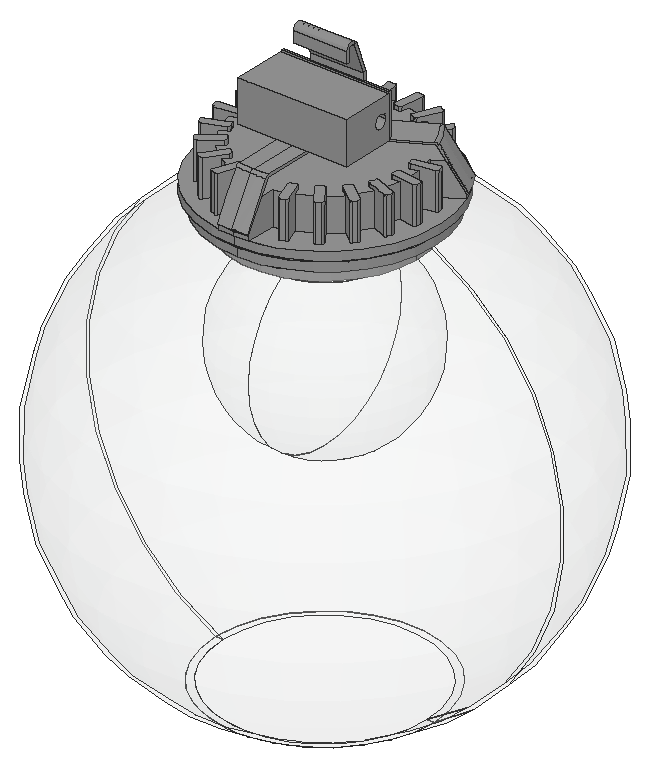
Revit family "Lighting_Pendants_Zero_City_Globe_Catenary", category Lighting Fixtures, Revit 2018
Family settings
  Round Connector Dimension = Use Diameter
  Part Type = Normal
  OmniClass Number = 23.80.70.00
  OmniClass Title = Lighting
  Work Plane-Based = No
  Always vertical = Yes
  Cut with Voids When Loaded = No
  Light Source = Yes
  Shared = No
  Room Calculation Point = No
Parameters (values of type "City Globe Catenary - Black/Red On/Off")
  Wattage = 42.6583 W
  WarrantyStartDate [instance] = "n/a"
  WarrantyGuarantorParts = "n/a"
  WarrantyGuarantorLabor = "n/a"
  WarrantyDurationUnit = "n/a"
  WarrantyDurationParts = "n/a"
  WarrantyDurationLabor = "n/a"
  WarrantyDescription = "n/a"
  built-in parameter 1150110 = 1 (stored number, unit not read)
  VersionDate = "16/12/2021"  # constant formula
  Version = "2"  # constant formula
  Uniclass2015Reference = "Pr_70_70_48_46"
  Uniclass2015Description = "Light-emitting diode (LED) luminaires"
  Uniclass2 = "Pr_70_70_49_43"
  URL = "https://www.zerolighting.com/city-globe-wire-inompe"
  TotalWattage = 32 W  # constant formula
  built-in parameter 1114217 = 1 (stored number, unit not read)
  Tilt Angle = 90.00°
  built-in parameter 1150109 = 1 (stored number, unit not read)
  built-in parameter 1150134 = (empty or 0)
  TagNumber [instance] = "n/a"
  SustainabilityPerformance = "n/a"
  built-in parameter 1150113 = 1 (stored number, unit not read)
  Size = "450x450x540 mm"
  Shape = "Round"
  SerialNumber [instance] = "n/a"
  Revision = "1"  # constant formula
  ReplacementCost = "n/a"
  ProductInformation = "System power 32W. Luminaire Luminous Flux 1420LM, 1900LM. CCT 3000K. SDCM 3. CRI >80. L80, 80.000h. Installation On wire, 3-6 mm."
  ProductDatasheet = "https://www.zerolighting.com/s/City-Globe-Catenary-Indoor.pdf"
  Photometric Web File = "City-Globe-catenary-120663-120683.IES"
  NumberOfSources = 0
  NumberOfPoles = 1
  NominalWidth = 450 mm
  NominalVoltageCalc = 220 V
  NominalVoltage = 220 V
  NominalLength = 450 mm
  NominalHeight = 540 mm
  NominalFrequencyRange = 50 Hz
  Name = "Zero_City_Globe_Catenary"
  NBSReference = "90-60-50/405"
  NBSDescription = "General purpose luminaires"
  ModelReference = "n/a"
  ModelNumber = "12068306-30"
  Model = "City Globe Catenary - Black/Red On/Off"
  Material = "Aluminium&Steel"
  ManufacturersSpecificInformation = "n/a"
  ManufacturerURL = "https://www.zerolighting.com/"
  ManufacturerName = "Zero"
  Manufacturer = "Zero"
  Lumens = 1900 lm
  built-in parameter 1150115 = 1 (stored number, unit not read)
  built-in parameter 1150105 = 1776.6 (stored number, unit not read)
  LightFixtureSecondaryMaterial = Stainless Steel
  LightFixturePlacingType = "Other"
  LightFixtureMountingType = "Suspended"
  LightFixtureMainMaterial = Red
  built-in parameter 1150137 = (empty or 0)
  built-in parameter 1150139 = (empty or 0)
  built-in parameter 1150112 = 1 (stored number, unit not read)
  built-in parameter 1150114 = 1 (stored number, unit not read)
  InsulationStandardClass = "n/a"
  InstallationDate [instance] = "n/a"
  built-in parameter 1150132 = 2
  built-in parameter 1150102 = (empty or 0)
  built-in parameter 1150138 = (empty or 0)
  built-in parameter 1150107 = 3000 (stored number, unit not read)
  built-in parameter 1150106 = 17.766 (stored number, unit not read)
  IfcExportType = "NOTDEFINED"  # constant formula
  IfcExportAs = "IfcLightFixtureType"  # constant formula
  IP_Code = "IP 20"
  HasProtectiveEarth = no
  Grade = "n/a"
  Finish = "Painted aluminum and metal. Black RAL 9005. Other colors on request. Outer shade in greytoned polycarbonate. Inner shade in crackled glass."
  Features = "System power 32W. Luminaire Luminous Flux 1420LM, 1900LM. CCT 3000K. SDCM 3. CRI >80. L80, 80.000h.\r\nInstallation: On wire, 3-6 mm.\r\nConnection: Terminal block 5x4mm2 inside junction-box. Double conduit entry."
  ExpectedLife = "80.000h"
  ElectricalDeviceNominalPower = 32
  built-in parameter 1150104 = 4.1379 (stored number, unit not read)
  DurationUnit = "Hours"
  Dimming Lamp Color Temperature Shift = <None>
  Designer = "Thomas Bernstrand"
  DefaultElevation = 0 mm
  Constituents = "n/a"
  Color Filter = 16777215
  Color = "Various"
  Collection = "City Globe"
  CodePerformance = "n/a"
  Category = "Luminaires"
  Brand = "Zero"
  Barcode [instance] = "n/a"
  built-in parameter 1114218 = 1 (stored number, unit not read)
  BIMObjectName = "Lighting_Pendants_Zero_City_Globe_Catenary"  # constant formula
  Author = "BIMStone"  # constant formula
  built-in parameter 1150133 = 10 (stored number, unit not read)
  AssetType = "Fixed"
  AssetIdentifier [instance] = "n/a"
  Article Number = ModelNumber  # "12068306-30"
  AccessibilityPerformance = "n/a"
Types (7, lengths in mm): name | ModelNumber | Model | LightFixtureMainMaterial | Article Number
  (no name) | "12068306-30" | "City Globe Catenary - Black/Red On/Off" | Red | "12068306-30"
  City Globe Catenary - Black/Grey On/Off | "12066306-30" | "City Globe Catenary - Black/Grey On/Off" | Grey | "12066306-30"
  City Globe Catenary - Black/Grey Dali | "12066306D30" | "City Globe Catenary - Black/Grey Dali" | Grey | "12066306D30"
  City Globe Catenary - Black/Cognac On/Off | "12067306-30" | "City Globe Catenary - Black/Cognac On/Off" | Cognac | "12067306-30"
  City Globe Catenary - Black/Cognac Dali | "12067306D30" | "City Globe Catenary - Black/Cognac Dali" | Cognac | "12067306D30"
  City Globe Catenary - Black/Red On/Off | "12068306-30" | "City Globe Catenary - Black/Red On/Off" | Red | "12068306-30"
  City Globe Catenary - Black/Red Dali | "12068306D30" | "City Globe Catenary - Black/Red Dali" | Red | "12068306D30"
Reference planes
  plane 1 "Light Source Axis (F/B)": y = 0
  plane 2: z = 0
  plane 3 "Light Source Axis (L/R)": x = 0
  plane 4 "Light Source Elevation": z = 302.524
  plane 5: x = -225
  plane 6: x = 225
  plane 7: y = 225
  plane 8: y = -225
  plane 9: z = 545.073
Dimensions and locks
  equal spacing: plane 5, plane 3 "Light Source Axis (L/R)", plane 6
  "NominalWidth": plane 5 to plane 6
  equal spacing: plane 7, plane 1 "Light Source Axis (F/B)", plane 8
  "NominalLength": plane 7 to plane 8
  aligned and locked: plane 3 "Light Source Axis (L/R)" to imposter light
  aligned and locked: plane 1 "Light Source Axis (F/B)" to imposter light
  aligned and locked: plane 4 "Light Source Elevation" to imposter light
  aligned and locked: level to plane 2
  aligned and locked: plane 3 "Light Source Axis (L/R)" to nested 1
Nested families
  nested 1: "CityGlobe_In" at (0, 0, 0), LensMaterial <- "LightFixtureMainMaterial", MainMaterial <- "LightFixtureSecondaryMaterial", type "CityGlobe_In"
    with SecondaryMaterial Glass, MainMaterial Stainless Steel, LensMaterial Red
Connectors
  electrical at (-51, -14, 486.161), driven by "NominalVoltage"
    settings: on nested 1, index 1, voltage 220 V, apparent load 0 VA, apparent load phase1 0 VA, apparent load phase2 0 VA, apparent load phase3 0 VA, power factor 1, load classification "Other", number of poles 1, system type 31, power factor state 1, is connector primary yes, connector utility no, sub classification motor no, connector description ""
Definition of nested family "CityGlobe_In"
  Parameters (values of type "CityGlobe_In")
    SecondaryMaterial [instance] = none
    MainMaterial [instance] = none
    LensMaterial [instance] = none
    Default Elevation = 1219.2 mm
  Reference planes
    plane 1 "Center (Front/Back)": y = 0
    plane 2: z = 0
    plane 3 "Center (Left/Right)": x = 0
    plane 4: z = 545.073
    plane 5: x = -225
    plane 6: y = 225
    plane 7: y = -225
    plane 8: x = 225
  Forms (mm)
    Revolve 1, solid, material <- "MainMaterial", detail levels medium+fine
      sketch origin (0, 641.022, 119.794) x (0, 0, 1) y (0, -1, 0)
        loop
          line (280.759, 641.022) -> (332.001, 641.022) -> (332.001, 721.485) -> (301.001, 721.485) -> (301.001, 748.945) -> (293, 748.945) -> (293, 742.671) -> (288.759, 742.449) -> (288.759, 743.522) -> (280.759, 743.522) -> (280.759, 641.022)
        axis (280.759, 641.022) -> (332.001, 641.022)
      angle from 0 to 360
    Extrusion 2, solid, material <- "MainMaterial", detail levels medium+fine
      sketch origin (0, 641.522, 119.794) x (0, 0, 1) y (0, -1, 0)
        loop
          line (332.001, 713.945) -> (332.001, 733.585) -> (301.864, 750.636) -> (301.001, 750.636) -> (301.001, 713.945) -> (332.001, 713.945)
      from -13.992 to 14.008
    Extrusion 3, solid, material <- "MainMaterial", detail levels medium+fine
      sketch origin (0, 641.022, 756.296) x (0, -1, 0) y (1, 0, 0)
        loop
          line (708.716, -28.944) -> (728.286, -36.087)
          arc (728.286, -36.087) -> (729.793, -36.032) -> (730.833, -34.939) r 2
          arc (730.833, -34.939) -> (731.558, -33.023) -> (732.238, -31.091) r 85.604
          arc (732.238, -31.091) -> (732.146, -29.585) -> (731.029, -28.572) r 2
          line (731.029, -28.572) -> (711.459, -21.429)
          arc (711.459, -21.429) -> (709.951, -21.484) -> (708.911, -22.577) r 2
          arc (708.911, -22.577) -> (708.186, -24.492) -> (707.507, -26.425) r 85.604
          arc (707.507, -26.425) -> (707.598, -27.93) -> (708.716, -28.944) r 2
        loop
          line (698.092, -46.513) -> (714.935, -58.774)
          arc (714.935, -58.774) -> (716.399, -59.136) -> (717.7, -58.372) r 2
          arc (717.7, -58.372) -> (718.925, -56.731) -> (720.111, -55.061) r 85.604
          arc (720.111, -55.061) -> (720.438, -53.588) -> (719.643, -52.306) r 2
          line (719.643, -52.306) -> (702.8, -40.045)
          arc (702.8, -40.045) -> (701.336, -39.683) -> (700.035, -40.447) r 2
          arc (700.035, -40.447) -> (698.81, -42.088) -> (697.624, -43.758) r 85.604
          arc (697.624, -43.758) -> (697.297, -45.231) -> (698.092, -46.513) r 2
        loop
          line (683.037, -60.473) -> (695.848, -76.902)
          arc (695.848, -76.902) -> (697.156, -77.653) -> (698.617, -77.278) r 2
          arc (698.617, -77.278) -> (700.247, -76.038) -> (701.847, -74.759) r 85.604
          arc (701.847, -74.759) -> (702.567, -73.434) -> (702.157, -71.982) r 2
          line (702.157, -71.982) -> (689.346, -55.554)
          arc (689.346, -55.554) -> (688.038, -54.802) -> (686.577, -55.178) r 2
          arc (686.577, -55.178) -> (684.947, -56.418) -> (683.347, -57.696) r 85.604
          arc (683.347, -57.696) -> (682.626, -59.022) -> (683.037, -60.473) r 2
        loop
          line (664.717, -69.743) -> (672.504, -89.066)
          arc (672.504, -89.066) -> (673.554, -90.149) -> (675.062, -90.191) r 2
          arc (675.062, -90.191) -> (676.97, -89.448) -> (678.861, -88.66) r 85.604
          arc (678.861, -88.66) -> (679.918, -87.585) -> (679.924, -86.076) r 2
          line (679.924, -86.076) -> (672.137, -66.753)
          arc (672.137, -66.753) -> (671.087, -65.67) -> (669.579, -65.628) r 2
          arc (669.579, -65.628) -> (667.671, -66.371) -> (665.781, -67.159) r 85.604
          arc (665.781, -67.159) -> (664.723, -68.235) -> (664.717, -69.743) r 2
        loop
          line (644.552, -73.604) -> (646.711, -94.325)
          arc (646.711, -94.325) -> (647.421, -95.656) -> (648.86, -96.111) r 2
          arc (648.86, -96.111) -> (650.899, -95.923) -> (652.933, -95.687) r 85.604
          arc (652.933, -95.687) -> (654.247, -94.945) -> (654.668, -93.496) r 2
          line (654.668, -93.496) -> (652.509, -72.775)
          arc (652.509, -72.775) -> (651.798, -71.445) -> (650.36, -70.989) r 2
          arc (650.36, -70.989) -> (648.321, -71.177) -> (646.286, -71.413) r 85.604
          arc (646.286, -71.413) -> (644.973, -72.156) -> (644.552, -73.604) r 2
        loop
          line (624.104, -71.757) -> (620.467, -92.27)
          arc (620.467, -92.27) -> (620.784, -93.746) -> (622.041, -94.58) r 2
          arc (622.041, -94.58) -> (624.053, -94.961) -> (626.073, -95.295) r 85.604
          arc (626.073, -95.295) -> (627.541, -94.943) -> (628.345, -93.667) r 2
          line (628.345, -93.667) -> (631.981, -73.154)
          arc (631.981, -73.154) -> (631.665, -71.679) -> (630.408, -70.844) r 2
          arc (630.408, -70.844) -> (628.396, -70.463) -> (626.375, -70.129) r 85.604
          arc (626.375, -70.129) -> (624.908, -70.481) -> (624.104, -71.757) r 2
        loop
          line (582.099, -44.158) -> (566.128, -57.535)
          arc (566.128, -57.535) -> (565.422, -58.868) -> (565.849, -60.315) r 2
          arc (565.849, -60.315) -> (567.145, -61.901) -> (568.479, -63.455) r 85.604
          arc (568.479, -63.455) -> (569.828, -64.129) -> (571.265, -63.668) r 2
          line (571.265, -63.668) -> (587.236, -50.291)
          arc (587.236, -50.291) -> (587.942, -48.958) -> (587.515, -47.511) r 2
          arc (587.515, -47.511) -> (586.219, -45.925) -> (584.885, -44.371) r 85.604
          arc (584.885, -44.371) -> (583.536, -43.697) -> (582.099, -44.158) r 2
        loop
          line (572.196, -26.173) -> (553.156, -34.629)
          arc (553.156, -34.629) -> (552.11, -35.716) -> (552.121, -37.225) r 2
          arc (552.121, -37.225) -> (552.93, -39.106) -> (553.784, -40.968) r 85.604
          arc (553.784, -40.968) -> (554.896, -41.988) -> (556.403, -41.941) r 2
          line (556.403, -41.941) -> (575.443, -33.484)
          arc (575.443, -33.484) -> (576.489, -32.397) -> (576.478, -30.889) r 2
          arc (576.478, -30.889) -> (575.669, -29.007) -> (574.815, -27.146) r 85.604
          arc (574.815, -27.146) -> (573.703, -26.126) -> (572.196, -26.173) r 2
        loop
          line (567.633, -6.155) -> (547, -9.036)
          arc (547, -9.036) -> (545.695, -9.792) -> (545.29, -11.245) r 2
          arc (545.29, -11.245) -> (545.549, -13.277) -> (545.857, -15.302) r 85.604
          arc (545.857, -15.302) -> (546.644, -16.588) -> (548.107, -16.959) r 2
          line (548.107, -16.959) -> (568.739, -14.078)
          arc (568.739, -14.078) -> (570.044, -13.321) -> (570.45, -11.868) r 2
          arc (570.45, -11.868) -> (570.191, -9.837) -> (569.883, -7.812) r 85.604
          arc (569.883, -7.812) -> (569.096, -6.525) -> (567.633, -6.155) r 2
        loop
          line (568.765, 14.345) -> (548.138, 17.263)
          arc (548.138, 17.263) -> (546.675, 16.896) -> (545.885, 15.611) r 2
          arc (545.885, 15.611) -> (545.574, 13.586) -> (545.311, 11.555) r 85.604
          arc (545.311, 11.555) -> (545.713, 10.101) -> (547.017, 9.342) r 2
          line (547.017, 9.342) -> (567.645, 6.424)
          arc (567.645, 6.424) -> (569.108, 6.792) -> (569.898, 8.077) r 2
          arc (569.898, 8.077) -> (570.209, 10.101) -> (570.471, 12.132) r 85.604
          arc (570.471, 12.132) -> (570.069, 13.586) -> (568.765, 14.345) r 2
        loop
          line (575.504, 33.739) -> (556.48, 42.23)
          arc (556.48, 42.23) -> (554.972, 42.28) -> (553.859, 41.262) r 2
          arc (553.859, 41.262) -> (553.002, 39.402) -> (552.189, 37.522) r 85.604
          arc (552.189, 37.522) -> (552.176, 36.014) -> (553.22, 34.925) r 2
          line (553.22, 34.925) -> (572.243, 26.434)
          arc (572.243, 26.434) -> (573.751, 26.384) -> (574.865, 27.402) r 2
          arc (574.865, 27.402) -> (575.722, 29.262) -> (576.534, 31.142) r 85.604
          arc (576.534, 31.142) -> (576.548, 32.65) -> (575.504, 33.739) r 2
        loop
          line (587.328, 50.525) -> (571.381, 63.93)
          arc (571.381, 63.93) -> (569.945, 64.394) -> (568.594, 63.723) r 2
          arc (568.594, 63.723) -> (567.258, 62.171) -> (565.959, 60.588) r 85.604
          arc (565.959, 60.588) -> (565.53, 59.141) -> (566.233, 57.807) r 2
          line (566.233, 57.807) -> (582.18, 44.401)
          arc (582.18, 44.401) -> (583.615, 43.938) -> (584.966, 44.609) r 2
          arc (584.966, 44.609) -> (586.303, 46.161) -> (587.602, 47.744) r 85.604
          arc (587.602, 47.744) -> (588.031, 49.19) -> (587.328, 50.525) r 2
        loop
          line (632.231, 73.102) -> (628.633, 93.622)
          arc (628.633, 93.622) -> (627.831, 94.9) -> (626.364, 95.254) r 2
          arc (626.364, 95.254) -> (624.343, 94.924) -> (622.33, 94.546) r 85.604
          arc (622.33, 94.546) -> (621.072, 93.714) -> (620.753, 92.24) r 2
          line (620.753, 92.24) -> (624.352, 71.72)
          arc (624.352, 71.72) -> (625.154, 70.442) -> (626.62, 70.088) r 2
          arc (626.62, 70.088) -> (628.641, 70.418) -> (630.654, 70.796) r 85.604
          arc (630.654, 70.796) -> (631.912, 71.628) -> (632.231, 73.102) r 2
        loop
          line (652.759, 72.686) -> (654.955, 93.403)
          arc (654.955, 93.403) -> (654.537, 94.852) -> (653.225, 95.597) r 2
          arc (653.225, 95.597) -> (651.191, 95.837) -> (649.152, 96.029) r 85.604
          arc (649.152, 96.029) -> (647.713, 95.576) -> (647, 94.246) r 2
          line (647, 94.246) -> (644.803, 73.53)
          arc (644.803, 73.53) -> (645.222, 72.08) -> (646.534, 71.336) r 2
          arc (646.534, 71.336) -> (648.568, 71.095) -> (650.607, 70.904) r 85.604
          arc (650.607, 70.904) -> (652.046, 71.357) -> (652.759, 72.686) r 2
        loop
          line (672.376, 66.628) -> (680.198, 85.937)
          arc (680.198, 85.937) -> (680.195, 87.446) -> (679.139, 88.523) r 2
          arc (679.139, 88.523) -> (677.25, 89.315) -> (675.343, 90.061) r 85.604
          arc (675.343, 90.061) -> (673.835, 90.022) -> (672.783, 88.941) r 2
          line (672.783, 88.941) -> (664.961, 69.632)
          arc (664.961, 69.632) -> (664.964, 68.123) -> (666.02, 67.046) r 2
          arc (666.02, 67.046) -> (667.909, 66.254) -> (669.816, 65.508) r 85.604
          arc (669.816, 65.508) -> (671.324, 65.547) -> (672.376, 66.628) r 2
        loop
          line (689.564, 55.398) -> (702.405, 71.803)
          arc (702.405, 71.803) -> (702.818, 73.254) -> (702.1, 74.58) r 2
          arc (702.1, 74.58) -> (700.503, 75.862) -> (698.875, 77.105) r 85.604
          arc (698.875, 77.105) -> (697.414, 77.483) -> (696.105, 76.734) r 2
          line (696.105, 76.734) -> (683.264, 60.329)
          arc (683.264, 60.329) -> (682.851, 58.878) -> (683.569, 57.551) r 2
          arc (683.569, 57.551) -> (685.167, 56.27) -> (686.794, 55.027) r 85.604
          arc (686.794, 55.027) -> (688.255, 54.648) -> (689.564, 55.398) r 2
        loop
          line (702.99, 39.865) -> (719.856, 52.095)
          arc (719.856, 52.095) -> (720.653, 53.376) -> (720.328, 54.849) r 2
          arc (720.328, 54.849) -> (719.146, 56.521) -> (717.924, 58.165) r 85.604
          arc (717.924, 58.165) -> (716.624, 58.931) -> (715.159, 58.571) r 2
          line (715.159, 58.571) -> (698.294, 46.341)
          arc (698.294, 46.341) -> (697.497, 45.06) -> (697.821, 43.587) r 2
          arc (697.821, 43.587) -> (699.004, 41.915) -> (700.226, 40.271) r 85.604
          arc (700.226, 40.271) -> (701.525, 39.505) -> (702.99, 39.865) r 2
        loop
          line (711.615, 21.233) -> (731.198, 28.34)
          arc (731.198, 28.34) -> (732.317, 29.352) -> (732.411, 30.857) r 2
          arc (732.411, 30.857) -> (731.736, 32.791) -> (731.014, 34.707) r 85.604
          arc (731.014, 34.707) -> (729.976, 35.802) -> (728.469, 35.86) r 2
          line (728.469, 35.86) -> (708.886, 28.753)
          arc (708.886, 28.753) -> (707.767, 27.741) -> (707.672, 26.236) r 2
          arc (707.672, 26.236) -> (708.348, 24.302) -> (709.07, 22.386) r 85.604
          arc (709.07, 22.386) -> (710.108, 21.291) -> (711.615, 21.233) r 2
      from -301.001 to -342
    Extrusion 4, solid, material <- "MainMaterial", detail levels medium+fine
      sketch origin (555.136, -320.001, 119.794) x (0, 0, 1) y (-0.866025, 0.5, 0)
        loop
          line (332.001, 713.945) -> (332.001, 733.085) -> (302.832, 749.588) -> (301.001, 749.588) -> (301.001, 713.945) -> (332.001, 713.945)
      from -13.992 to 14.008
    Extrusion 5, solid, material <- "MainMaterial", detail levels medium+fine
      sketch origin (-555.136, -320.001, 119.794) x (0, 0, 1) y (0.866025, 0.5, 0)
        loop
          line (332.001, 713.945) -> (332.001, 733.085) -> (301.001, 750.624) -> (301.001, 713.945) -> (332.001, 713.945)
      from -13.992 to 14.008
    Extrusion 6, void
      sketch origin (0, 634.559, 756.296) x (0, -1, 0) y (1, 0, 0)
        loop
          circle (634.559, 0) r 107.923
        loop
          circle (634.559, 0) r 117.923
      from -293 to -343.502
    Revolve 7, solid, material <- "SecondaryMaterial", detail levels medium+fine
      sketch origin (0, 0, -2427.837) x (1, 0, 0) y (0, 0, 1)
        loop
          arc (95.267, 2828.39) -> (222, 2628.259) -> (95.727, 2427.837) r 221.789
          line (95.727, 2427.837) -> (102.5, 2427.837)
          arc (102.5, 2427.837) -> (225, 2628.245) -> (102.071, 2828.39) r 224.789
          line (102.071, 2828.39) -> (95.267, 2828.39)
        axis (0, 2427.837) -> (0, 2828.39)
      angle from 0 to 360
    Revolve 8, solid, material <- "LensMaterial", detail levels medium+fine
      sketch origin (0, 0, -2417.412) x (0, 1, 0) y (0, 0, 1)
        loop
          line (50, 2778.96) -> (37.176, 2778.96) -> (37.176, 2798.87) -> (0, 2798.87) -> (0, 2613.96)
          arc (0, 2613.96) -> (86.145, 2677.931) -> (50, 2778.96) r 90.101
        axis (0, 2798.87) -> (0, 2613.96)
      angle from 0 to 360
    Extrusion 9, solid, material <- "MainMaterial", detail levels medium+fine
      sketch origin (0, 0, 1340.336) x (-1, 0, 0) y (0, -1, 0)
        loop
          circle (0, 0) r 60
      from -951.13 to -927.541
    Revolve 10, solid, material <- "MainMaterial", detail levels medium+fine
      sketch origin (0, 0, 0) x (1, 0, 0) y (0, 0, 1)
        loop
          line (-87.212, 408.553) -> (-86.19, 383.661) -> (-69.944, 383.661) -> (-69.944, 380.661) -> (0, 380.661) -> (0, 408.553) -> (-87.212, 408.553)
        axis (0, 380.661) -> (0, 408.553)
      angle from 0 to 360
    Revolve 11, solid, material <- "MainMaterial", detail levels medium+fine
      sketch origin (0, 0, 0) x (0, 1, 0) y (0, 0, 1)
        loop
          line (0, 466.661) -> (-84.417, 466.661)
          arc (-84.417, 466.661) -> (-86.432, 466.116) -> (-87.898, 464.63) r 4
          line (-87.898, 464.63) -> (-109.589, 426.292) -> (-108.113, 425.457) -> (-86.22, 464.153)
          arc (-86.22, 464.153) -> (-85.853, 464.525) -> (-85.349, 464.661) r 1
          line (-85.349, 464.661) -> (0, 464.661) -> (0, 466.661)
        axis (0, 425.457) -> (0, 466.661)
      angle from 0 to 360
    Extrusion 12, void
      sketch origin (0, 0, 0) x (1, 0, 0) y (0, 1, 0)
        loop
          line (-15.978, 25.391) -> (-96.213, 71.715)
          arc (-96.213, 71.715) -> (-103.923, 60) -> (-110.213, 47.466) r 120
          line (-110.213, 47.466) -> (-29.978, 1.142)
          arc (-29.978, 1.142) -> (-25.981, -15) -> (-14, -26.533) r 30
          line (-14, -26.533) -> (-14, -119.181)
          arc (-14, -119.181) -> (0, -120) -> (14, -119.181) r 120
          line (14, -119.181) -> (14, -26.533)
          arc (14, -26.533) -> (25.981, -15) -> (29.978, 1.142) r 30
          line (29.978, 1.142) -> (110.213, 47.466)
          arc (110.213, 47.466) -> (103.923, 60) -> (96.213, 71.715) r 120
          line (96.213, 71.715) -> (15.978, 25.391)
          arc (15.978, 25.391) -> (0, 30) -> (-15.978, 25.391) r 30
        loop
          circle (0, 0) r 125
      from 390.553 to 478.554
    Revolve 13, solid, material <- "MainMaterial", detail levels medium+fine
      sketch origin (0, 0, 0) x (0, 1, 0) y (0, 0, 1)
        loop
          line (15, 464.661) -> (0, 464.661) -> (0, 451.795) -> (15, 451.795) -> (15, 464.661)
        axis (0, 451.795) -> (0, 464.661)
      angle from 0 to 360
    Extrusion 14, solid, material <- "MainMaterial", detail levels coarse
      sketch origin (0, 0, 0) x (1, 0, 0) y (0, 1, 0)
        loop
          line (-225, 225) -> (-225, -225) -> (225, -225) -> (225, 225) -> (-225, 225)
      from 0 to 545.073
    Extrusion 15, solid, material <- "MainMaterial", detail levels medium+fine
      sketch origin (0, 0, 0) x (0, 1, 0) y (0, 0, 1)
        loop
          line (16, 513.051) -> (5.749, 541.216)
          arc (5.749, 541.216) -> (-0.924, 545.073) -> (-5.889, 539.177) r 6
          line (-5.889, 539.177) -> (-5.889, 529.191) -> (-3.889, 529.191) -> (-3.889, 539.177)
          arc (-3.889, 539.177) -> (-0.577, 543.104) -> (3.869, 540.531) r 4
          line (3.869, 540.531) -> (14, 512.698) -> (14, 494.161) -> (16, 494.161) -> (16, 513.051)
      from -25 to 25
    Extrusion 16, solid, material <- "MainMaterial", detail levels medium+fine
      sketch origin (0, 0, 0) x (1, 0, 0) y (0, 0, 1)
        loop
          line (25, 494.161) -> (-25, 494.161)
          arc (-25, 494.161) -> (0, 469.161) -> (25, 494.161) r 25
      from -16 to -14
    Extrusion 17, solid, material <- "MainMaterial", detail levels medium+fine
      sketch origin (0, 0, 0) x (0, 1, 0) y (0, 0, 1)
        loop
          line (11, 505.661) -> (-39, 505.661) -> (-39, 466.661) -> (11, 466.661) -> (11, 505.661)
      from -51 to 51
    Extrusion 18, solid, material <- "MainMaterial", detail levels medium+fine
      sketch origin (0, 0, 0) x (0, 1, 0) y (0, 0, 1)
        loop
          line (14, 506.661) -> (12, 506.661) -> (12, 469.661)
          arc (12, 469.661) -> (11.707, 468.954) -> (11, 468.661) r 1
          line (11, 468.661) -> (11, 466.661)
          arc (11, 466.661) -> (13.121, 467.539) -> (14, 469.661) r 3
          line (14, 469.661) -> (14, 506.661)
      from -50 to 50
    Extrusion 19, void
      sketch origin (0, 0, 0) x (0, 1, 0) y (0, 0, 1)
        loop
          circle (1.028, 486.661) r 6.572
      from -60 to 60
  Cuts and joins
    Extrusion 6 cuts Revolve 1
    Extrusion 6 cuts Extrusion 2
    Extrusion 6 cuts Extrusion 4
    Extrusion 6 cuts Extrusion 5
    joined: Revolve 1, Extrusion 2, Extrusion 3, Extrusion 4, Extrusion 5, Extrusion 9, Revolve 10
    Extrusion 12 cuts Revolve 11
    joined: Extrusion 15, Extrusion 16
    Extrusion 19 cuts Extrusion 17
    joined: Extrusion 17, Extrusion 18
  Lines and regions (mm)
    symbolic lines, detail levels medium+fine
      curve 1: line (0, 107.923, 412.794) -> (0, 107.923, 420.795)
      curve 2: line (0, 107.923, 420.795) -> (0, 95.745, 420.795)
      curve 3: line (0, 95.745, 420.795) -> (0, 95.732, 455.295)
      curve 4: line (0, 95.732, 455.295) -> (0, 64.165, 455.295)
      curve 12: line (0, -107.923, 425.986) -> (0, -107.923, 412.794)
      curve 13: line (0, 107.923, 412.794) -> (0, 101.649, 412.794)
      curve 18: line (0, 64.165, 455.295) -> (0, 58.185, 455.295)
      curve 44: line (-107.923, 0, 412.794) -> (-107.923, 0, 420.795)
      curve 45: line (-107.923, 0, 420.795) -> (-99.507, 0, 420.795)
      curve 46: line (-99.507, 0, 420.795) -> (-99.507, 0, 427.766)
      curve 47: line (-99.507, 0, 427.766) -> (-96.111, 0, 434.697)
      curve 48: line (-96.111, 0, 455.295) -> (-96.111, 0, 434.697)
      curve 49: line (-96.111, 0, 455.295) -> (-86.779, 0, 455.295)
      curve 69: line (107.923, 0, 420.795) -> (99.507, 0, 420.795)
      curve 70: line (99.507, 0, 420.795) -> (99.507, 0, 427.766)
      curve 71: line (99.507, 0, 427.766) -> (96.111, 0, 434.697)
      curve 72: line (96.111, 0, 455.295) -> (96.111, 0, 434.697)
      curve 73: line (96.111, 0, 455.295) -> (86.779, 0, 455.295)
      curve 90: line (-107.923, 0, 412.794) -> (-101.649, 0, 412.794)
      curve 93: circle (0, 0, 0) r 225 normal (0, 0, 1)
      curve 95: line (107.923, 0, 420.795) -> (107.923, 0, 412.794)
      curve 96: line (0, -101.649, 412.794) -> (0, -101.427, 408.553)
      curve 97: line (0, -102.5, 408.553) -> (0, -101.427, 408.553)
      curve 98: line (0, -102.5, 408.553) -> (0, -102.5, 400.553)
      curve 101: line (0, -101.649, 412.794) -> (0, -107.923, 412.794)
      curve 102: line (0, 101.649, 412.794) -> (0, 101.427, 408.553)
      curve 103: line (0, 102.5, 408.553) -> (0, 101.427, 408.553)
      curve 104: line (0, 102.5, 408.553) -> (0, 102.5, 400.553)
      curve 108: arc (0, 102.5, 400.553) -> (0, 225.003, 200.277) -> (0, 102.5, 0) r 224.965
      curve 109: arc (0, -102.5, 400.553) -> (0, -225.003, 200.277) -> (0, -102.5, 0) r 224.965
      curve 110: line (0, 102.5, 0) -> (0, -102.5, 0)
      curve 111: line (-101.427, 0, 408.553) -> (-101.649, 0, 412.794)
      curve 112: line (-102.5, 0, 408.553) -> (-101.427, 0, 408.553)
      curve 113: line (-102.5, 0, 400.553) -> (-102.5, 0, 408.553)
      curve 116: line (101.427, 0, 408.553) -> (101.649, 0, 412.794)
      curve 117: line (102.5, 0, 408.553) -> (101.427, 0, 408.553)
      curve 118: line (102.5, 0, 400.553) -> (102.5, 0, 408.553)
      curve 120: line (101.649, 0, 412.794) -> (107.923, 0, 412.794)
      curve 121: arc (-102.5, 0, 400.553) -> (-225.04, 0, 200.277) -> (-102.5, 0, 0) r 224.934
      curve 122: arc (102.5, 0, 400.553) -> (225.04, 0, 200.277) -> (102.5, 0, 0) r 224.934
      curve 123: line (-102.5, 0, 0) -> (102.5, 0, 0)
      curve 133: line (0, -108.637, 426.386) -> (0, -107.923, 425.986)
      curve 135: spline (0, 55.516, 464.617) -> (0, 55.739, 463.841) -> (0, 55.961, 463.064) -> (0, 56.184, 462.287) -> (0, 56.406, 461.51) -> (0, 56.629, 460.734) -> (0, 56.851, 459.957) -> (0, 57.073, 459.18) -> (0, 57.296, 458.403) -> (0, 57.518, 457.626) -> (0, 57.74, 456.849) -> (0, 57.963, 456.072) -> (0, 58.185, 455.295)
      curve 136: spline (0, 53.748, 466.66) -> (0, 53.926, 466.646) -> (0, 54.103, 466.6) -> (0, 54.277, 466.523) -> (0, 54.447, 466.416) -> (0, 54.612, 466.28) -> (0, 54.77, 466.116) -> (0, 54.92, 465.924) -> (0, 55.062, 465.707) -> (0, 55.193, 465.465) -> (0, 55.313, 465.202) -> (0, 55.421, 464.919) -> (0, 55.517, 464.617)
      curve 137: line (0, -83.26, 466.661) -> (0, -39, 466.661)
      curve 141: arc (0, -83.26, 466.66) -> (0, -85.297, 466.113) -> (0, -86.784, 464.617) r 4.062
      curve 142: arc (0, -86.746, 464.683) -> (0, -97.701, 445.54) -> (0, -108.637, 426.386) r 22459.865
      curve 143: line (0, 11, 505.661) -> (0, -39, 505.661)
      curve 145: line (0, -39, 505.661) -> (0, -39, 466.661)
      curve 146: line (0, 16, 469.161) -> (0, 16, 513.051)
      curve 147: arc (0, 11, 466.661) -> (0, 12.936, 467.369) -> (0, 13.958, 469.161) r 3
      curve 149: line (0, 12, 506.661) -> (0, 12, 469.661)
      curve 150: arc (0, 12, 469.661) -> (0, 11.707, 468.954) -> (0, 11, 468.661) r 1
      curve 151: line (0, 14, 506.661) -> (0, 12, 506.661)
      curve 152: line (0, 14, 512.698) -> (0, 14, 506.661)
      curve 153: line (0, 3.869, 540.531) -> (0, 14, 512.698)
      curve 154: line (0, 16, 513.051) -> (0, 5.749, 541.216)
      curve 155: arc (0, -3.889, 539.177) -> (0, -0.577, 543.104) -> (0, 3.869, 540.531) r 4
      curve 156: line (0, -3.889, 529.191) -> (0, -3.889, 539.177)
      curve 157: line (0, -5.889, 539.177) -> (0, -5.889, 529.191)
      curve 158: line (0, -5.889, 529.191) -> (0, -3.889, 529.191)
      curve 159: line (0, 16, 469.161) -> (0, 13.958, 469.161)
      curve 160: arc (0, 5.749, 541.216) -> (0, -0.924, 545.073) -> (0, -5.889, 539.177) r 6
      curve 161: line (0, 11, 468.661) -> (0, 11, 505.661)
      curve 162: line (0, 11, 466.661) -> (0, 53.748, 466.661)
      curve 165: spline (-86.779, 0, 455.295) -> (-86.394, 0, 456.072) -> (-86.009, 0, 456.849) -> (-85.624, 0, 457.626) -> (-85.239, 0, 458.403) -> (-84.854, 0, 459.18) -> (-84.469, 0, 459.957) -> (-84.083, 0, 460.733) -> (-83.698, 0, 461.51) -> (-83.313, 0, 462.287) -> (-82.928, 0, 463.064) -> (-82.542, 0, 463.84) -> (-82.157, 0, 464.617)
      curve 169: spline (-82.157, 0, 464.617) -> (-81.992, 0, 464.919) -> (-81.805, 0, 465.202) -> (-81.597, 0, 465.465) -> (-81.37, 0, 465.707) -> (-81.125, 0, 465.924) -> (-80.865, 0, 466.116) -> (-80.591, 0, 466.28) -> (-80.305, 0, 466.416) -> (-80.011, 0, 466.523) -> (-79.709, 0, 466.6) -> (-79.403, 0, 466.646) -> (-79.095, 0, 466.66)
      curve 170: line (-79.095, 0, 466.662) -> (-51, 0, 466.662)
      curve 174: spline (82.157, 0, 464.617) -> (82.542, 0, 463.84) -> (82.928, 0, 463.064) -> (83.313, 0, 462.287) -> (83.698, 0, 461.51) -> (84.083, 0, 460.733) -> (84.469, 0, 459.957) -> (84.854, 0, 459.18) -> (85.239, 0, 458.403) -> (85.624, 0, 457.626) -> (86.009, 0, 456.849) -> (86.394, 0, 456.072) -> (86.779, 0, 455.295)
      curve 175: spline (79.105, 0, 466.66) -> (79.413, 0, 466.645) -> (79.718, 0, 466.598) -> (80.019, 0, 466.521) -> (80.312, 0, 466.414) -> (80.596, 0, 466.277) -> (80.869, 0, 466.113) -> (81.129, 0, 465.921) -> (81.372, 0, 465.704) -> (81.599, 0, 465.463) -> (81.806, 0, 465.201) -> (81.993, 0, 464.918) -> (82.157, 0, 464.617)
      curve 179: line (-51, 0, 505.661) -> (-50, 0, 505.661)
      curve 180: line (-51, 0, 466.662) -> (-51, 0, 505.661)
      curve 181: line (51, 0, 505.661) -> (51, 0, 466.661)
      curve 182: line (-50, 0, 506.661) -> (-25, 0, 506.661)
      curve 183: line (-50, 0, 505.661) -> (-50, 0, 506.661)
      curve 184: line (50, 0, 506.661) -> (50, 0, 505.661)
      curve 185: line (50, 0, 505.661) -> (51, 0, 505.661)
      curve 187: line (-25, 0, 545.163) -> (25, 0, 545.163)
      curve 188: line (-25, 0, 506.661) -> (-25, 0, 545.163)
      curve 189: line (25, 0, 545.163) -> (25, 0, 506.661)
      curve 191: line (25, 0, 506.661) -> (50, 0, 506.661)
      curve 193: line (51, 0, 466.661) -> (79.105, 0, 466.66)
    symbolic lines, detail levels fine
      curve 5: line (0, 20.585, 455.295) -> (0, 20.585, 451.795)
      curve 6: line (0, 33.953, 451.795) -> (0, 20.585, 451.795)
      curve 7: line (0, 20.585, 455.295) -> (0, 14.159, 455.295)
      curve 8: line (0, -23.55, 455.295) -> (0, -23.55, 451.795)
      curve 9: line (0, -14.159, 451.795) -> (0, -23.55, 451.795)
      curve 10: line (0, -23.55, 455.295) -> (0, -35.835, 455.295)
      curve 11: line (0, -64.165, 455.295) -> (0, -90.15, 455.295)
      curve 14: line (0, 95.745, 420.795) -> (0, -107.923, 420.795)
      curve 15: line (0, 89.054, 455.295) -> (0, 89.054, 420.795)
      curve 16: line (0, 75.657, 455.295) -> (0, 75.657, 420.795)
      curve 17: line (0, 65.974, 420.795) -> (0, 65.974, 427.965)
      curve 19: spline (0, 65.991, 427.971) -> (0, 64.077, 427.444) -> (0, 62.114, 427.012) -> (0, 60.106, 426.677) -> (0, 58.058, 426.438) -> (0, 55.974, 426.297) -> (0, 53.857, 426.253) -> (0, 51.714, 426.307) -> (0, 49.548, 426.458) -> (0, 47.363, 426.707) -> (0, 45.164, 427.052) -> (0, 42.956, 427.493) -> (0, 40.743, 428.03)
      curve 20: line (0, 41.782, 427.766) -> (0, 41.782, 420.795)
      curve 21: line (0, 27.904, 451.795) -> (0, 27.904, 420.795)
      curve 22: line (0, 10.221, 420.795) -> (0, 10.221, 451.795)
      curve 23: line (0, 20.585, 451.795) -> (0, 20.585, 420.795)
      curve 24: line (0, 14.159, 455.295) -> (0, 9.041, 455.295)
      curve 25: line (0, 9.041, 455.295) -> (0, 9.041, 451.795)
      curve 26: line (0, 10.221, 451.795) -> (0, -4.233, 451.795)
      curve 27: line (0, -3.519, 455.295) -> (0, -3.519, 451.795)
      curve 28: line (0, -3.519, 455.295) -> (0, -13.656, 455.295)
      curve 29: line (0, -13.656, 455.295) -> (0, -13.656, 420.795)
      curve 30: line (0, -4.233, 451.795) -> (0, -4.233, 420.795)
      curve 31: line (0, -26.242, 451.795) -> (0, -23.55, 451.795)
      curve 32: line (0, -26.242, 451.795) -> (0, -26.242, 420.795)
      curve 33: line (0, -39.047, 455.295) -> (0, -35.835, 455.295)
      curve 34: line (0, -39.047, 455.295) -> (0, -39.047, 451.795)
      curve 35: line (0, -46.219, 451.795) -> (0, -46.219, 420.795)
      curve 36: line (0, -46.219, 451.795) -> (0, -41.587, 451.795)
      curve 37: line (0, -41.587, 451.795) -> (0, -41.587, 455.295)
      curve 38: line (0, -64.165, 455.295) -> (0, -41.587, 455.295)
      curve 39: line (0, -61.554, 420.795) -> (0, -61.554, 455.295)
      curve 40: line (0, -61.554, 451.795) -> (0, -62.607, 451.795)
      curve 41: line (0, -62.607, 451.795) -> (0, -62.607, 420.795)
      curve 42: line (0, -79.306, 455.295) -> (0, -79.306, 420.795)
      curve 43: line (0, -91.493, 452.949) -> (0, -91.493, 420.795)
      curve 50: line (-16.978, 0, 455.295) -> (-16.978, 0, 451.795)
      curve 51: line (-21.308, 0, 455.295) -> (-21.308, 0, 451.795)
      curve 52: line (-16.978, 0, 455.295) -> (-14.151, 0, 455.295)
      curve 53: line (-90.319, 0, 455.295) -> (-90.319, 0, 420.795)
      curve 54: line (-77.665, 0, 455.295) -> (-77.665, 0, 420.795)
      curve 55: line (-99.507, 0, 420.795) -> (99.507, 0, 420.795)
      curve 56: line (-59.164, 0, 455.295) -> (-59.164, 0, 420.795)
      curve 57: line (-60.949, 0, 451.795) -> (-60.949, 0, 420.795)
      curve 58: line (-60.949, 0, 451.795) -> (-59.164, 0, 451.795)
      curve 59: line (-44.077, 0, 451.795) -> (-36.26, 0, 451.795)
      curve 60: line (-44.077, 0, 451.795) -> (-44.077, 0, 420.795)
      curve 61: line (-36.26, 0, 420.795) -> (-36.26, 0, 455.295)
      curve 62: line (-39.681, 0, 455.295) -> (-39.681, 0, 451.795)
      curve 63: line (-23.777, 0, 420.795) -> (-23.777, 0, 451.795)
      curve 64: line (-23.777, 0, 451.795) -> (-14.151, 0, 451.795)
      curve 65: line (-14.151, 0, 455.295) -> (-14.151, 0, 451.795)
      curve 66: line (-14.151, 0, 451.795) -> (-14.151, 0, 427.44)
      curve 67: spline (0, 0, 425.793) -> (-1.193, 0, 425.806) -> (-2.385, 0, 425.841) -> (-3.577, 0, 425.899) -> (-4.766, 0, 425.98) -> (-5.953, 0, 426.084) -> (-7.138, 0, 426.21) -> (-8.318, 0, 426.359) -> (-9.495, 0, 426.531) -> (-10.667, 0, 426.725) -> (-11.834, 0, 426.941) -> (-12.996, 0, 427.179) -> (-14.151, 0, 427.44)
      curve 68: spline (14.151, 0, 427.44) -> (12.996, 0, 427.179) -> (11.834, 0, 426.941) -> (10.667, 0, 426.725) -> (9.495, 0, 426.531) -> (8.318, 0, 426.359) -> (7.138, 0, 426.21) -> (5.953, 0, 426.084) -> (4.766, 0, 425.98) -> (3.577, 0, 425.899) -> (2.385, 0, 425.841) -> (1.193, 0, 425.806) -> (0, 0, 425.793)
      curve 74: line (16.978, 0, 455.295) -> (16.978, 0, 451.795)
      curve 75: line (21.308, 0, 455.295) -> (21.308, 0, 451.795)
      curve 76: line (16.978, 0, 455.295) -> (14.151, 0, 455.295)
      curve 77: line (90.319, 0, 455.295) -> (90.319, 0, 420.795)
      curve 78: line (77.665, 0, 455.295) -> (77.665, 0, 420.795)
      curve 79: line (59.164, 0, 455.295) -> (59.164, 0, 420.795)
      curve 80: line (60.949, 0, 451.795) -> (60.949, 0, 420.795)
      curve 81: line (60.949, 0, 451.795) -> (59.164, 0, 451.795)
      curve 82: line (44.077, 0, 451.795) -> (36.26, 0, 451.795)
      curve 83: line (44.077, 0, 451.795) -> (44.077, 0, 420.795)
      curve 84: line (36.26, 0, 420.795) -> (36.26, 0, 455.295)
      curve 85: line (39.681, 0, 455.295) -> (39.681, 0, 451.795)
      curve 86: line (23.777, 0, 420.795) -> (23.777, 0, 451.795)
      curve 87: line (23.777, 0, 451.795) -> (14.151, 0, 451.795)
      curve 88: line (14.151, 0, 455.295) -> (14.151, 0, 451.795)
      curve 89: line (14.151, 0, 451.795) -> (14.151, 0, 427.44)
      curve 91: line (-96.111, 0, 434.697) -> (-96.111, 0, 420.795)
      curve 92: line (96.111, 0, 434.697) -> (96.111, 0, 420.795)
      curve 94: circle (0, 0, 0) r 107.923 normal (0, 0, 1)
      curve 99: line (0, -102.5, 400.553) -> (0, 0, 400.553)
      curve 100: line (0, -101.427, 408.553) -> (0, 0, 408.553)
      curve 105: line (0, 102.5, 400.553) -> (0, 0, 400.553)
      curve 106: line (0, 101.427, 408.553) -> (0, 0, 408.553)
      curve 107: line (0, 101.649, 412.794) -> (0, -101.649, 412.794)
      curve 114: line (-102.5, 0, 400.553) -> (0, 0, 400.553)
      curve 115: line (-101.649, 0, 412.794) -> (101.649, 0, 412.794)
      curve 119: line (102.5, 0, 400.553) -> (0, 0, 400.553)
      curve 124: line (-101.427, 0, 408.553) -> (0, 0, 408.553)
      curve 125: line (101.427, 0, 408.553) -> (0, 0, 408.553)
      curve 126: line (0, -41.587, 451.795) -> (0, -39.047, 451.795)
      curve 127: line (0, -39.047, 451.795) -> (0, -39.047, 420.795)
      curve 128: line (0, -14.159, 451.795) -> (0, -13.656, 451.795)
      curve 129: line (86.779, 0, 455.295) -> (21.308, 0, 455.295)
      curve 130: line (-86.779, 0, 455.295) -> (-21.308, 0, 455.295)
      curve 131: spline (0, 30.414, 464.15) -> (0, 31.276, 461.142) -> (0, 32.138, 458.133) -> (0, 33, 455.124) -> (0, 33.861, 452.115) -> (0, 34.722, 449.105) -> (0, 35.583, 446.095) -> (0, 36.444, 443.085) -> (0, 37.304, 440.075) -> (0, 38.164, 437.064) -> (0, 39.024, 434.053) -> (0, 39.884, 431.041) -> (0, 40.743, 428.03)
      curve 132: arc (0, -107.149, 425.551) -> (0, -96.112, 444.876) -> (0, -85.054, 464.189) r 20055.833
      curve 134: line (0, -107.923, 425.986) -> (0, -107.149, 425.551)
      curve 138: line (0, -84.196, 464.661) -> (0, 29.974, 464.661)
      curve 139: spline (0, 29.974, 464.661) -> (0, 30.018, 464.657) -> (0, 30.062, 464.645) -> (0, 30.106, 464.626) -> (0, 30.148, 464.599) -> (0, 30.189, 464.565) -> (0, 30.228, 464.524) -> (0, 30.266, 464.476) -> (0, 30.301, 464.422) -> (0, 30.334, 464.361) -> (0, 30.364, 464.296) -> (0, 30.391, 464.225) -> (0, 30.414, 464.15)
      curve 140: arc (0, -85.078, 464.15) -> (0, -84.705, 464.524) -> (0, -84.196, 464.661) r 1.016
      curve 144: line (0, 11, 466.661) -> (0, 11, 468.661)
      curve 148: line (0, 14, 469.161) -> (0, 14, 506.661)
      curve 163: line (0, -39, 466.661) -> (0, 11, 466.661)
      curve 164: spline (0, 58.185, 455.295) -> (0, 58.836, 453.019) -> (0, 59.487, 450.743) -> (0, 60.138, 448.466) -> (0, 60.789, 446.19) -> (0, 61.44, 443.913) -> (0, 62.091, 441.636) -> (0, 62.741, 439.359) -> (0, 63.391, 437.081) -> (0, 64.042, 434.804) -> (0, 64.692, 432.526) -> (0, 65.341, 430.249) -> (0, 65.991, 427.971)
      curve 166: spline (-79.914, 0, 464.661) -> (-79.991, 0, 464.657) -> (-80.067, 0, 464.646) -> (-80.143, 0, 464.626) -> (-80.216, 0, 464.6) -> (-80.288, 0, 464.566) -> (-80.356, 0, 464.524) -> (-80.421, 0, 464.477) -> (-80.482, 0, 464.422) -> (-80.539, 0, 464.362) -> (-80.591, 0, 464.296) -> (-80.638, 0, 464.225) -> (-80.679, 0, 464.15)
      curve 167: spline (-80.679, 0, 464.15) -> (-81.045, 0, 463.412) -> (-81.412, 0, 462.674) -> (-81.778, 0, 461.937) -> (-82.144, 0, 461.199) -> (-82.51, 0, 460.461) -> (-82.876, 0, 459.723) -> (-83.242, 0, 458.985) -> (-83.608, 0, 458.247) -> (-83.974, 0, 457.509) -> (-84.34, 0, 456.771) -> (-84.706, 0, 456.033) -> (-85.072, 0, 455.295)
      curve 168: line (-79.914, 0, 464.661) -> (0, 0, 464.661)
      curve 171: line (0, 0, 464.661) -> (79.914, 0, 464.661)
      curve 172: spline (65.914, 0, 464.661) -> (65.991, 0, 464.657) -> (66.067, 0, 464.646) -> (66.143, 0, 464.626) -> (66.216, 0, 464.6) -> (66.288, 0, 464.566) -> (66.356, 0, 464.524) -> (66.421, 0, 464.477) -> (66.482, 0, 464.422) -> (66.539, 0, 464.362) -> (66.591, 0, 464.296) -> (66.638, 0, 464.225) -> (66.679, 0, 464.15)
      curve 173: spline (66.679, 0, 464.15) -> (67.045, 0, 463.412) -> (67.412, 0, 462.674) -> (67.778, 0, 461.937) -> (68.144, 0, 461.199) -> (68.51, 0, 460.461) -> (68.876, 0, 459.723) -> (69.242, 0, 458.985) -> (69.608, 0, 458.247) -> (69.974, 0, 457.509) -> (70.34, 0, 456.771) -> (70.706, 0, 456.033) -> (71.072, 0, 455.295)
      curve 176: spline (85.072, 0, 455.295) -> (84.706, 0, 456.033) -> (84.34, 0, 456.771) -> (83.974, 0, 457.509) -> (83.608, 0, 458.247) -> (83.242, 0, 458.985) -> (82.876, 0, 459.723) -> (82.51, 0, 460.461) -> (82.144, 0, 461.199) -> (81.778, 0, 461.937) -> (81.412, 0, 462.674) -> (81.045, 0, 463.412) -> (80.679, 0, 464.15)
      curve 177: spline (80.679, 0, 464.15) -> (80.638, 0, 464.225) -> (80.591, 0, 464.296) -> (80.539, 0, 464.362) -> (80.482, 0, 464.422) -> (80.421, 0, 464.477) -> (80.356, 0, 464.524) -> (80.288, 0, 464.566) -> (80.216, 0, 464.6) -> (80.143, 0, 464.626) -> (80.067, 0, 464.646) -> (79.991, 0, 464.657) -> (79.914, 0, 464.661)
      curve 178: line (0, 0, 466.662) -> (51, 0, 466.662)
      curve 186: line (-50, 0, 505.661) -> (50, 0, 505.661)
      curve 190: line (-25, 0, 506.661) -> (25, 0, 506.661)
      curve 192: line (-51, 0, 466.662) -> (0, 0, 466.662)
      curve 194: line (-14.151, 0, 455.295) -> (-14.151, 0, 464.661)
      curve 195: line (14.151, 0, 455.295) -> (14.151, 0, 464.661)
  Dimensions and locks
    plane 5 to plane 3 "Center (Left/Right)" = 225 mm
    aligned and locked: level to plane 2
